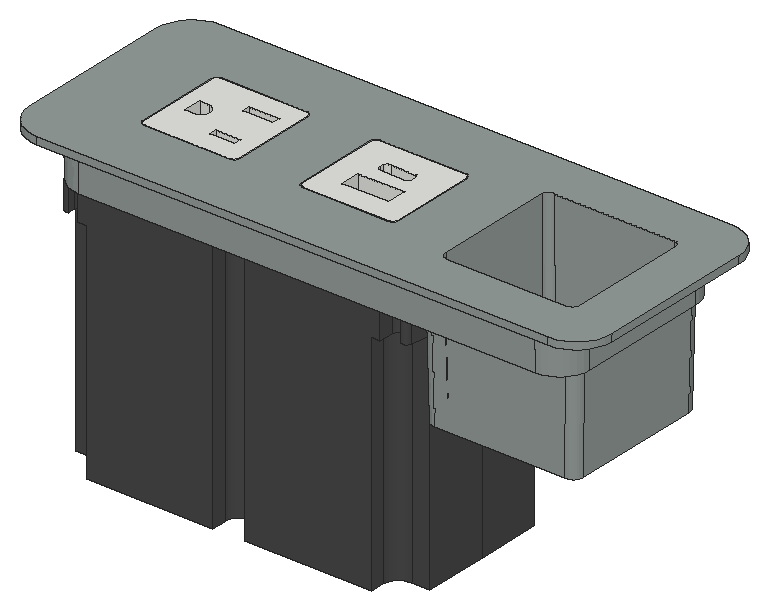
Revit family "Electrical-Teknion-YEFPA_Flush_Power_Module_Standard_Plug_In-R2022", category Furniture, Revit 2023 (continued)
Lines and regions (in)
  symbolic lines, style "FurnitureHiddenLines", visible <- "2D - T", detail levels medium+fine
    curve 102: arc (-2.54164, 0.9944, 0) -> (-2.55736, 0.79927, 0) -> (-2.75309, 0.79569, 0) r 0.1458
    curve 103: arc (-2.75309, 0.79569, 0) -> (-2.7867, 0.80062, 0) -> (-2.80509, 0.77206, 0) r 0.03136
    curve 104: line (-2.80509, 0.77206, 0) -> (-2.80509, -0.77206, 0)
    curve 105: arc (-2.80509, -0.77206, 0) -> (-2.7867, -0.80062, 0) -> (-2.75309, -0.79569, 0) r 0.03136
    curve 106: arc (-2.75309, -0.79569, 0) -> (-2.55736, -0.79927, 0) -> (-2.54164, -0.9944, 0) r 0.1458
    curve 107: line (-2.54164, -0.9944, 0) -> (-1.03481, -0.9944, 0)
    curve 108: arc (-1.03481, -0.9944, 0) -> (-0.88555, -0.73179, 0) -> (-0.73628, -0.9944, 0) r 0.17373
    curve 109: line (-0.73628, -0.9944, 0) -> (0.77001, -0.9944, 0)
    curve 110: arc (0.77001, -0.9944, 0) -> (0.78574, -0.79927, 0) -> (0.98147, -0.79569, 0) r 0.1458
    curve 111: arc (0.98147, -0.79569, 0) -> (1.01508, -0.80062, 0) -> (1.03346, -0.77206, 0) r 0.03136
    curve 112: line (1.03346, -0.77206, 0) -> (1.03346, 0.77206, 0)
    curve 113: arc (1.03346, 0.77206, 0) -> (1.01508, 0.80062, 0) -> (0.98147, 0.79569, 0) r 0.03136
    curve 114: arc (0.98147, 0.79569, 0) -> (0.78574, 0.79927, 0) -> (0.77001, 0.9944, 0) r 0.1458
    curve 115: line (0.77001, 0.9944, 0) -> (-0.73628, 0.9944, 0)
    curve 116: arc (-0.73628, 0.9944, 0) -> (-0.88555, 0.73179, 0) -> (-1.03481, 0.9944, 0) r 0.17373
    curve 117: line (2.71611, 0.8657, 0) -> (1.2209, 0.8657, 0)
    curve 118: arc (1.2209, 0.8657, 0) -> (1.13739, 0.83111, 0) -> (1.10281, 0.74761, 0) r 0.11809
    curve 119: line (1.10281, 0.74761, 0) -> (1.10281, -0.74761, 0)
    curve 120: arc (1.10281, -0.74761, 0) -> (1.13739, -0.83111, 0) -> (1.2209, -0.8657, 0) r 0.11809
    curve 121: line (1.2209, -0.8657, 0) -> (2.71611, -0.8657, 0)
    curve 122: arc (2.71611, -0.8657, 0) -> (2.79961, -0.83111, 0) -> (2.8342, -0.74761, 0) r 0.11809
    curve 123: line (2.8342, -0.74761, 0) -> (2.8342, 0.74761, 0)
    curve 124: arc (2.8342, 0.74761, 0) -> (2.79961, 0.83111, 0) -> (2.71611, 0.8657, 0) r 0.11809
    curve 133: line (2.44072, 0.72054, 0) -> (1.49629, 0.72054, 0)
    curve 134: line (1.54479, 0.64593, 0) -> (2.39221, 0.64593, 0)
    curve 135: line (1.32258, -0.42371, 0) -> (1.32258, 0.42371, 0)
    curve 136: line (1.24796, 0.47221, 0) -> (1.24796, -0.47221, 0)
    curve 137: arc (1.24796, 0.47221, 0) -> (1.50226, 0.46625, 0) -> (1.49629, 0.72054, 0) r 0.17579
    curve 138: arc (2.44072, 0.72054, 0) -> (2.43475, 0.46625, 0) -> (2.68905, 0.47221, 0) r 0.17579
    curve 139: line (2.61443, 0.42371, 0) -> (2.61443, -0.42371, 0)
    curve 140: line (2.68905, -0.47221, 0) -> (2.68905, 0.47221, 0)
    curve 141: line (2.39221, -0.64593, 0) -> (1.54479, -0.64593, 0)
    curve 142: line (1.49629, -0.72054, 0) -> (2.44072, -0.72054, 0)
    curve 143: arc (1.49629, -0.72054, 0) -> (1.50226, -0.46625, 0) -> (1.24796, -0.47221, 0) r 0.17579
    curve 144: arc (2.68905, -0.47221, 0) -> (2.43475, -0.46625, 0) -> (2.44072, -0.72054, 0) r 0.17579
  symbolic lines, style "Furniture", visible <- "2D - T"
    curve 125: line (1.2191, 0.67068, 0) -> (1.2191, -0.67068, 0)
    curve 126: line (1.29783, -0.74941, 0) -> (2.63918, -0.74941, 0)
    curve 127: arc (1.2191, -0.67068, 0) -> (1.24216, -0.72635, 0) -> (1.29783, -0.74941, 0) r 0.07873
    curve 128: line (2.71791, -0.67068, 0) -> (2.71791, 0.67068, 0)
    curve 129: arc (2.63918, -0.74941, 0) -> (2.69485, -0.72635, 0) -> (2.71791, -0.67068, 0) r 0.07873
    curve 130: line (2.63918, 0.74941, 0) -> (1.29783, 0.74941, 0)
    curve 131: arc (2.71791, 0.67068, 0) -> (2.69485, 0.72635, 0) -> (2.63918, 0.74941, 0) r 0.07873
    curve 132: arc (1.29783, 0.74941, 0) -> (1.24216, 0.72635, 0) -> (1.2191, 0.67068, 0) r 0.07873
  symbolic lines, visible <- "2D - T"
    curve 145: line (-2.24545, 0.54271, 0) -> (-1.2978, 0.54271, 0)
    curve 146: arc (-1.2978, 0.54271, 0) -> (-1.24909, 0.52254, 0) -> (-1.22891, 0.47383, 0) r 0.06889
    curve 147: line (-1.22891, 0.47383, 0) -> (-1.22891, -0.47383, 0)
    curve 148: arc (-1.22891, -0.47383, 0) -> (-1.24909, -0.52254, 0) -> (-1.2978, -0.54271, 0) r 0.06889
    curve 149: line (-1.2978, -0.54271, 0) -> (-2.24545, -0.54271, 0)
    curve 150: arc (-2.24545, -0.54271, 0) -> (-2.29416, -0.52254, 0) -> (-2.31434, -0.47383, 0) r 0.06889
    curve 151: line (-2.31434, -0.47383, 0) -> (-2.31434, 0.47383, 0)
    curve 152: arc (-2.31434, 0.47383, 0) -> (-2.29416, 0.52254, 0) -> (-2.24545, 0.54271, 0) r 0.06889
    curve 153: line (-0.47383, 0.54271, 0) -> (0.47383, 0.54271, 0)
    curve 154: arc (0.47383, 0.54271, 0) -> (0.52254, 0.52254, 0) -> (0.54271, 0.47383, 0) r 0.06889
    curve 155: line (0.54271, 0.47383, 0) -> (0.54271, -0.47383, 0)
    curve 156: arc (0.54271, -0.47383, 0) -> (0.52254, -0.52254, 0) -> (0.47383, -0.54271, 0) r 0.06889
    curve 157: line (0.47383, -0.54271, 0) -> (-0.47383, -0.54271, 0)
    curve 158: arc (-0.47383, -0.54271, 0) -> (-0.52254, -0.52254, 0) -> (-0.54271, -0.47383, 0) r 0.06889
    curve 159: line (-0.54271, -0.47383, 0) -> (-0.54271, 0.47383, 0)
    curve 160: arc (-0.54271, 0.47383, 0) -> (-0.52254, 0.52254, 0) -> (-0.47383, 0.54271, 0) r 0.06889
    curve 161: line (2.61444, 0.72467, 0) -> (1.32257, 0.72467, 0)
    curve 162: arc (1.32257, 0.72467, 0) -> (1.2669, 0.70161, 0) -> (1.24384, 0.64594, 0) r 0.07873
    curve 163: line (1.24384, 0.64594, 0) -> (1.24384, -0.64594, 0)
    curve 164: arc (1.24384, -0.64594, 0) -> (1.2669, -0.70161, 0) -> (1.32257, -0.72467, 0) r 0.07873
    curve 165: line (1.32257, -0.72467, 0) -> (2.61444, -0.72467, 0)
    curve 166: arc (2.61444, -0.72467, 0) -> (2.67011, -0.70161, 0) -> (2.69317, -0.64594, 0) r 0.07873
    curve 167: line (2.69317, -0.64594, 0) -> (2.69317, 0.64594, 0)
    curve 168: arc (2.69317, 0.64594, 0) -> (2.67011, 0.70161, 0) -> (2.61444, 0.72467, 0) r 0.07873
  symbolic lines, style "FurnitureHiddenLines", visible <- "Body 3 - 3R", detail levels medium+fine
    curve 169: line (2.57222, -1.06299, 0) -> (2.57499, -0.90407, 0)
    curve 170: arc (2.57499, -0.90407, 0) -> (2.65748, -0.82158, 0) -> (2.73997, -0.90407, 0) r 0.08249
    curve 171: line (2.73997, -0.90407, 0) -> (2.74128, -0.97947, 0)
    curve 172: arc (2.74128, -0.97947, 0) -> (2.79245, -0.97731, 0) -> (2.82271, -0.93599, 0) r 0.05908
    curve 173: line (2.82271, -0.93599, 0) -> (2.8613, -0.72835, 0)
    curve 174: line (2.8613, -0.72835, 0) -> (2.87402, 0, 0)
    curve 175: line (2.87402, 0, 0) -> (2.8613, 0.72835, 0)
    curve 176: line (2.8613, 0.72835, 0) -> (2.82271, 0.93599, 0)
    curve 177: arc (2.82271, 0.93599, 0) -> (2.79245, 0.97731, 0) -> (2.74128, 0.97947, 0) r 0.05908
    curve 178: line (2.74128, 0.97947, 0) -> (2.73997, 0.90407, 0)
    curve 179: arc (2.73997, 0.90407, 0) -> (2.65748, 0.82158, 0) -> (2.57499, 0.90407, 0) r 0.08249
    curve 180: line (2.57499, 0.90407, 0) -> (2.57222, 1.06299, 0)
    curve 181: line (2.57222, 1.06299, 0) -> (1.06577, 1.06299, 0)
    curve 182: line (1.06577, 1.06299, 0) -> (1.06297, 0.90242, 0)
    curve 183: arc (1.06297, 0.90242, 0) -> (0.88892, 0.72531, 0) -> (0.7088, 0.89624, 0) r 0.17714
    curve 184: line (0.7088, 0.89624, 0) -> (0.70589, 1.06299, 0)
    curve 185: line (0.70589, 1.06299, 0) -> (-0.70584, 1.06299, 0)
    curve 186: line (-0.70584, 1.06299, 0) -> (-0.70869, 0.90242, 0)
    curve 187: arc (-0.70869, 0.90242, 0) -> (-0.88583, 0.72528, 0) -> (-1.06297, 0.90242, 0) r 0.17714
    curve 188: line (-1.06297, 0.90242, 0) -> (-1.06572, 1.06299, 0)
    curve 189: line (-1.06572, 1.06299, 0) -> (-2.57222, 1.06299, 0)
    curve 190: line (-2.57222, 1.06299, 0) -> (-2.57499, 0.90407, 0)
    curve 191: arc (-2.57499, 0.90407, 0) -> (-2.65748, 0.82158, 0) -> (-2.73997, 0.90407, 0) r 0.08249
    curve 192: line (-2.73997, 0.90407, 0) -> (-2.74128, 0.97947, 0)
    curve 193: arc (-2.74128, 0.97947, 0) -> (-2.79245, 0.97731, 0) -> (-2.82271, 0.93599, 0) r 0.05908
    curve 194: line (-2.82271, 0.93599, 0) -> (-2.8613, 0.72835, 0)
    curve 195: line (-2.8613, 0.72835, 0) -> (-2.87402, 0, 0)
    curve 196: line (-2.87402, 0, 0) -> (-2.8613, -0.72835, 0)
    curve 197: line (-2.8613, -0.72835, 0) -> (-2.82271, -0.93599, 0)
    curve 198: arc (-2.82271, -0.93599, 0) -> (-2.79245, -0.97731, 0) -> (-2.74128, -0.97947, 0) r 0.05908
    curve 199: line (-2.74128, -0.97947, 0) -> (-2.73997, -0.90407, 0)
    curve 200: arc (-2.73997, -0.90407, 0) -> (-2.65748, -0.82158, 0) -> (-2.57499, -0.90407, 0) r 0.08249
    curve 201: line (-2.57499, -0.90407, 0) -> (-2.57222, -1.06299, 0)
    curve 202: line (-2.57222, -1.06299, 0) -> (-1.06572, -1.06299, 0)
    curve 203: line (-1.06572, -1.06299, 0) -> (-1.06297, -0.90242, 0)
    curve 204: arc (-1.06297, -0.90242, 0) -> (-0.88583, -0.72528, 0) -> (-0.70869, -0.90242, 0) r 0.17714
    curve 205: line (-0.70869, -0.90242, 0) -> (-0.70584, -1.06299, 0)
    curve 206: line (-0.70584, -1.06299, 0) -> (0.70589, -1.06299, 0)
    curve 207: line (0.70589, -1.06299, 0) -> (0.7088, -0.89624, 0)
    curve 208: arc (0.7088, -0.89624, 0) -> (0.88892, -0.72531, 0) -> (1.06297, -0.90242, 0) r 0.17714
    curve 209: line (1.06297, -0.90242, 0) -> (1.06577, -1.06299, 0)
    curve 210: line (1.06577, -1.06299, 0) -> (2.57222, -1.06299, 0)
    curve 211: line (1.06405, 0.96457, 0) -> (2.47926, 0.96457, 0)
    curve 212: line (2.47926, 0.96457, 0) -> (2.48029, 0.90554, 0)
    curve 213: arc (2.48029, 0.90554, 0) -> (2.53219, 0.78025, 0) -> (2.65748, 0.72835, 0) r 0.17719
    curve 214: line (2.65748, 0.72835, 0) -> (2.76288, 0.72835, 0)
    curve 215: line (2.76288, 0.72835, 0) -> (2.77559, 0, 0)
    curve 216: line (2.77559, 0, 0) -> (2.76288, -0.72835, 0)
    curve 217: line (2.76288, -0.72835, 0) -> (2.65748, -0.72835, 0)
    curve 218: arc (2.65748, -0.72835, 0) -> (2.53219, -0.78025, 0) -> (2.48029, -0.90554, 0) r 0.17719
    curve 219: line (2.48029, -0.90554, 0) -> (2.47926, -0.96457, 0)
    curve 220: line (2.47926, -0.96457, 0) -> (1.06405, -0.96457, 0)
    curve 221: line (0.70788, 0.96457, 0) -> (-0.70739, 0.96457, 0)
    curve 222: line (0.70788, -0.96457, 0) -> (-0.70739, -0.96457, 0)
    curve 223: line (-1.06383, 0.96456, 0) -> (-2.47898, 0.96456, 0)
    curve 224: line (-2.47898, 0.96456, 0) -> (-2.48001, 0.90554, 0)
    curve 225: arc (-2.48001, 0.90554, 0) -> (-2.53191, 0.78025, 0) -> (-2.6572, 0.72835, 0) r 0.17719
    curve 226: line (-2.6572, 0.72835, 0) -> (-2.7626, 0.72835, 0)
    curve 227: line (-2.7626, 0.72835, 0) -> (-2.77531, 0, 0)
    curve 228: line (-2.77531, 0, 0) -> (-2.7626, -0.72835, 0)
    curve 229: line (-2.7626, -0.72835, 0) -> (-2.6572, -0.72835, 0)
    curve 230: arc (-2.6572, -0.72835, 0) -> (-2.53191, -0.78025, 0) -> (-2.48001, -0.90554, 0) r 0.17719
    curve 231: line (-2.48001, -0.90554, 0) -> (-2.47898, -0.96456, 0)
    curve 232: line (-2.47898, -0.96456, 0) -> (-1.06383, -0.96456, 0)
  symbolic lines, style "FurnitureHiddenLines", visible <- "Body 2 - C & 2R", detail levels medium+fine
    curve 233: line (-0.17822, -0.96457, 0) -> (-1.59343, -0.96457, 0)
    curve 234: line (-1.59343, -0.96457, 0) -> (-1.59446, -0.90554, 0)
    curve 235: arc (-1.59446, -0.90554, 0) -> (-1.64636, -0.78025, 0) -> (-1.77165, -0.72835, 0) r 0.17719
    curve 236: line (-1.77165, -0.72835, 0) -> (-1.87705, -0.72835, 0)
    curve 237: line (-1.87705, -0.72835, 0) -> (-1.88976, 0, 0)
    curve 238: line (-1.88976, 0, 0) -> (-1.87705, 0.72835, 0)
    curve 239: line (-1.87705, 0.72835, 0) -> (-1.77165, 0.72835, 0)
    curve 240: arc (-1.77165, 0.72835, 0) -> (-1.64636, 0.78025, 0) -> (-1.59446, 0.90554, 0) r 0.17719
    curve 241: line (-1.59446, 0.90554, 0) -> (-1.59343, 0.96457, 0)
    curve 242: line (-1.59343, 0.96457, 0) -> (-0.17822, 0.96457, 0)
    curve 243: line (0.17822, -0.96457, 0) -> (1.59343, -0.96457, 0)
    curve 244: line (1.59343, -0.96457, 0) -> (1.59446, -0.90554, 0)
    curve 245: arc (1.59446, -0.90554, 0) -> (1.64636, -0.78025, 0) -> (1.77165, -0.72835, 0) r 0.17719
    curve 246: line (1.77165, -0.72835, 0) -> (1.87705, -0.72835, 0)
    curve 247: line (1.87705, -0.72835, 0) -> (1.88976, 0, 0)
    curve 248: line (1.88976, 0, 0) -> (1.87705, 0.72835, 0)
    curve 249: line (1.87705, 0.72835, 0) -> (1.77165, 0.72835, 0)
    curve 250: arc (1.77165, 0.72835, 0) -> (1.64636, 0.78025, 0) -> (1.59446, 0.90554, 0) r 0.17719
    curve 251: line (1.59446, 0.90554, 0) -> (1.59343, 0.96457, 0)
    curve 252: line (1.59343, 0.96457, 0) -> (0.17822, 0.96457, 0)
    curve 253: arc (1.68917, 0.90407, 0) -> (1.77165, 0.82158, 0) -> (1.85414, 0.90407, 0) r 0.08249
    curve 254: line (1.85414, 0.90407, 0) -> (1.85546, 0.97947, 0)
    curve 255: arc (1.85546, 0.97947, 0) -> (1.90662, 0.97731, 0) -> (1.93688, 0.93599, 0) r 0.05908
    curve 256: line (1.93688, 0.93599, 0) -> (1.97548, 0.72835, 0)
    curve 257: line (1.97548, 0.72835, 0) -> (1.98819, 0, 0)
    curve 258: line (1.98819, 0, 0) -> (1.97548, -0.72835, 0)
    curve 259: line (1.97548, -0.72835, 0) -> (1.93688, -0.93599, 0)
    curve 260: arc (1.93688, -0.93599, 0) -> (1.90662, -0.97731, 0) -> (1.85546, -0.97947, 0) r 0.05908
    curve 261: line (1.85546, -0.97947, 0) -> (1.85414, -0.90407, 0)
    curve 262: arc (1.85414, -0.90407, 0) -> (1.77165, -0.82158, 0) -> (1.68917, -0.90407, 0) r 0.08249
    curve 263: line (1.68917, -0.90407, 0) -> (1.68639, -1.06299, 0)
    curve 264: line (1.68639, -1.06299, 0) -> (0.17994, -1.06299, 0)
    curve 265: line (0.17994, -1.06299, 0) -> (0.17714, -0.90242, 0)
    curve 266: arc (0.17714, -0.90242, 0) -> (0, -0.72528, 0) -> (-0.17714, -0.90242, 0) r 0.17714
    curve 267: line (-0.17714, -0.90242, 0) -> (-0.17994, -1.06299, 0)
    curve 268: line (-0.17994, -1.06299, 0) -> (-1.68639, -1.06299, 0)
    curve 269: line (-1.68639, -1.06299, 0) -> (-1.68917, -0.90407, 0)
    curve 270: arc (-1.68917, -0.90407, 0) -> (-1.77165, -0.82158, 0) -> (-1.85414, -0.90407, 0) r 0.08249
    curve 271: line (-1.85414, -0.90407, 0) -> (-1.85546, -0.97947, 0)
    curve 272: arc (-1.85546, -0.97947, 0) -> (-1.90662, -0.97731, 0) -> (-1.93688, -0.93599, 0) r 0.05908
    curve 273: line (-1.93688, -0.93599, 0) -> (-1.97548, -0.72835, 0)
    curve 274: line (-1.97548, -0.72835, 0) -> (-1.98819, 0, 0)
    curve 275: line (-1.98819, 0, 0) -> (-1.97548, 0.72835, 0)
    curve 276: line (-1.97548, 0.72835, 0) -> (-1.93688, 0.93599, 0)
    curve 277: arc (-1.93688, 0.93599, 0) -> (-1.90662, 0.97731, 0) -> (-1.85546, 0.97947, 0) r 0.05908
    curve 278: line (-1.85546, 0.97947, 0) -> (-1.85414, 0.90407, 0)
    curve 279: arc (-1.85414, 0.90407, 0) -> (-1.77165, 0.82158, 0) -> (-1.68917, 0.90407, 0) r 0.08249
    curve 280: line (-1.68917, 0.90407, 0) -> (-1.68639, 1.06299, 0)
    curve 281: line (-1.68639, 1.06299, 0) -> (-0.17994, 1.06299, 0)
    curve 282: line (-0.17994, 1.06299, 0) -> (-0.17714, 0.90242, 0)
    curve 283: arc (-0.17714, 0.90242, 0) -> (0, 0.72528, 0) -> (0.17714, 0.90242, 0) r 0.17714
    curve 284: line (0.17714, 0.90242, 0) -> (0.17994, 1.06299, 0)
    curve 285: line (0.17994, 1.06299, 0) -> (1.68639, 1.06299, 0)
    curve 286: line (1.68639, 1.06299, 0) -> (1.68917, 0.90407, 0)
  symbolic lines, style "FurnitureHiddenLines", visible <- "Body 2 - T", detail levels medium+fine
    curve 287: line (-1.06383, -0.96456, 0) -> (-2.47898, -0.96456, 0)
    curve 288: line (-2.47898, -0.96456, 0) -> (-2.48001, -0.90554, 0)
    curve 289: arc (-2.48001, -0.90554, 0) -> (-2.53191, -0.78025, 0) -> (-2.6572, -0.72835, 0) r 0.17719
    curve 290: line (-2.6572, -0.72835, 0) -> (-2.7626, -0.72835, 0)
    curve 291: line (-2.7626, -0.72835, 0) -> (-2.77531, 0, 0)
    curve 292: line (-2.77531, 0, 0) -> (-2.7626, 0.72835, 0)
    curve 293: line (-2.7626, 0.72835, 0) -> (-2.6572, 0.72835, 0)
    curve 294: arc (-2.6572, 0.72835, 0) -> (-2.53191, 0.78025, 0) -> (-2.48001, 0.90554, 0) r 0.17719
    curve 295: line (-2.48001, 0.90554, 0) -> (-2.47898, 0.96456, 0)
    curve 296: line (-2.47898, 0.96456, 0) -> (-1.06383, 0.96456, 0)
    curve 297: line (-0.70739, -0.96457, 0) -> (0.70788, -0.96457, 0)
    curve 298: line (0.70788, -0.96457, 0) -> (0.70891, -0.90554, 0)
    curve 299: arc (0.70891, -0.90554, 0) -> (0.76081, -0.78025, 0) -> (0.8861, -0.72835, 0) r 0.17719
    curve 300: line (0.8861, -0.72835, 0) -> (0.9915, -0.72835, 0)
    curve 301: line (0.9915, -0.72835, 0) -> (1.00421, 0, 0)
    curve 302: line (1.00421, 0, 0) -> (0.9915, 0.72835, 0)
    curve 303: line (0.9915, 0.72835, 0) -> (0.8861, 0.72835, 0)
    curve 304: arc (0.8861, 0.72835, 0) -> (0.76081, 0.78025, 0) -> (0.70891, 0.90554, 0) r 0.17719
    curve 305: line (0.70891, 0.90554, 0) -> (0.70788, 0.96457, 0)
    curve 306: line (0.70788, 0.96457, 0) -> (-0.70739, 0.96457, 0)
    curve 307: line (-0.70584, 1.06299, 0) -> (0.80084, 1.06299, 0)
    curve 308: line (0.80084, 1.06299, 0) -> (0.80362, 0.90407, 0)
    curve 309: arc (0.80362, 0.90407, 0) -> (0.8861, 0.82158, 0) -> (0.96859, 0.90407, 0) r 0.08249
    curve 310: line (0.96859, 0.90407, 0) -> (0.96991, 0.97947, 0)
    curve 311: arc (0.96991, 0.97947, 0) -> (1.02108, 0.97731, 0) -> (1.05133, 0.93599, 0) r 0.05908
    curve 312: line (1.05133, 0.93599, 0) -> (1.08993, 0.72835, 0)
    curve 313: line (1.08993, 0.72835, 0) -> (1.10264, 0, 0)
    curve 314: line (1.10264, 0, 0) -> (1.08993, -0.72835, 0)
    curve 315: line (1.08993, -0.72835, 0) -> (1.05133, -0.93599, 0)
    curve 316: arc (1.05133, -0.93599, 0) -> (1.02108, -0.97731, 0) -> (0.96991, -0.97947, 0) r 0.05908
    curve 317: line (0.96991, -0.97947, 0) -> (0.96859, -0.90407, 0)
    curve 318: arc (0.96859, -0.90407, 0) -> (0.8861, -0.82158, 0) -> (0.80362, -0.90407, 0) r 0.08249
    curve 319: line (0.80362, -0.90407, 0) -> (0.80084, -1.06299, 0)
    curve 320: line (0.80084, -1.06299, 0) -> (-0.70584, -1.06299, 0)
    curve 321: line (-0.70584, -1.06299, 0) -> (-0.70836, -0.90242, 0)
    curve 322: arc (-0.70836, -0.90242, 0) -> (-0.8855, -0.72528, 0) -> (-1.06264, -0.90242, 0) r 0.17714
    curve 323: line (-1.06264, -0.90242, 0) -> (-1.06572, -1.06299, 0)
    curve 324: line (-1.06572, -1.06299, 0) -> (-2.57222, -1.06299, 0)
    curve 325: line (-2.57222, -1.06299, 0) -> (-2.57471, -0.90407, 0)
    curve 326: arc (-2.57471, -0.90407, 0) -> (-2.6572, -0.82158, 0) -> (-2.73969, -0.90407, 0) r 0.08249
    curve 327: line (-2.73969, -0.90407, 0) -> (-2.74101, -0.97947, 0)
    curve 328: arc (-2.74101, -0.97947, 0) -> (-2.79217, -0.97731, 0) -> (-2.82243, -0.93599, 0) r 0.05908
    curve 329: line (-2.82243, -0.93599, 0) -> (-2.86102, -0.72835, 0)
    curve 330: line (-2.86102, -0.72835, 0) -> (-2.87374, 0, 0)
    curve 331: line (-2.87374, 0, 0) -> (-2.86102, 0.72835, 0)
    curve 332: line (-2.86102, 0.72835, 0) -> (-2.82243, 0.93599, 0)
    curve 333: arc (-2.82243, 0.93599, 0) -> (-2.79217, 0.97731, 0) -> (-2.74101, 0.97947, 0) r 0.05908
    curve 334: line (-2.74101, 0.97947, 0) -> (-2.73969, 0.90407, 0)
    curve 335: arc (-2.73969, 0.90407, 0) -> (-2.6572, 0.82158, 0) -> (-2.57471, 0.90407, 0) r 0.08249
    curve 336: line (-2.57471, 0.90407, 0) -> (-2.57222, 1.06299, 0)
    curve 337: line (-2.57222, 1.06299, 0) -> (-1.06572, 1.06299, 0)
    curve 338: line (-1.06572, 1.06299, 0) -> (-1.06264, 0.90242, 0)
    curve 339: arc (-1.06264, 0.90242, 0) -> (-0.8855, 0.72528, 0) -> (-0.70836, 0.90242, 0) r 0.17714
    curve 340: line (-0.70836, 0.90242, 0) -> (-0.70584, 1.06299, 0)
  reference lines
    curve 341: line (-2.362, 2.362, 0) -> (-2.362, -2.362, 0)
    curve 342: line (2.362, 2.362, 0) -> (2.362, -2.362, 0)
    curve 343: line (-2.362, 2.362, 0) -> (2.362, 2.362, 0)
    curve 344: line (-2.362, -2.362, 0) -> (2.362, -2.362, 0)
Dimensions and locks (in)
  locked: plane 4 "Left" to plane 5 "Right" at 4.724
  locked: plane 6 "Back" to plane 7 "Front" at 4.724
  locked: plane 8 "Top" to level at 29.07874
  plane 8 "Top" to plane 9 to plane 10 = 0.07874" locked, 3.30709" locked
  equal spacing: plane 6 "Back", plane 1 "Center Front/Back", plane 7 "Front"
  equal spacing: plane 4 "Left", plane 3 "Center Left/Right", plane 5 "Right"
  SweptBlend 10 sketch curve to plane 3 "Center Left/Right" to SweptBlend 10 sketch curve = 2.89342" locked, 2.89349" locked
  SweptBlend 10 sketch curve to plane 1 "Center Front/Back" to SweptBlend 10 sketch curve = 1.08243" locked, 1.08243" locked
  SweptBlend 10 sketch curve to plane 1 "Center Front/Back" to SweptBlend 10 sketch curve = 1.07443" locked, 1.07443" locked
  SweptBlend 10 sketch curve to plane 3 "Center Left/Right" to SweptBlend 10 sketch curve = 2.88542" locked, 2.88549" locked
  locked: SweptBlend 8 sketch curve to plane 3 "Center Left/Right" at 0.88555
  locked: plane 3 "Center Left/Right" to SweptBlend 12 sketch curve at 1.9685
  locked: plane 3 "Center Left/Right" to SweptBlend 14 sketch curve at 1.9685
  locked: plane 3 "Center Left/Right" to SweptBlend 13 sketch curve at 1.9685
  SweptBlend 15 sketch curve to plane 3 "Center Left/Right" = 0.88555"
  locked: plane 3 "Center Left/Right" to Sweep 16 sketch curve at 1.98819
  locked: plane 3 "Center Left/Right" to Sweep 17 sketch curve at 1.97548
  equal spacing: plane 11, plane 3 "Center Left/Right", plane 12
  equal spacing: plane 14, plane 1 "Center Front/Back", plane 13
  plane 11 to plane 12 = 4.724"
  plane 13 to plane 14 = 4.724"
  aligned and locked: level to plane 2
  aligned and locked: Sweep 1 sketch curve to plane 3 "Center Left/Right"
  aligned and locked: plane 9 to Sweep 1 sketch curve
  aligned and locked: plane 8 "Top" to Sweep 1 sketch curve
  aligned and locked: plane 1 "Center Front/Back" to Sweep 1 sketch curve
  aligned and locked: plane 3 "Center Left/Right" to Sweep 1 sketch curve
  aligned and locked: SweptBlend 2 sketch curve to plane 3 "Center Left/Right"
  aligned and locked: plane 9 to SweptBlend 2 sketch curve
  aligned and locked: plane 9 to SweptBlend 3 sketch curve
  aligned and locked: SweptBlend 3 sketch curve to plane 3 "Center Left/Right"
  aligned and locked: Sweep 6 sketch curve to plane 3 "Center Left/Right"
  aligned and locked: plane 8 "Top" to Sweep 6 sketch curve
  aligned and locked: plane 9 to Sweep 6 sketch curve
  aligned and locked: Sweep 9 sketch curve to plane 3 "Center Left/Right"
  aligned and locked: plane 8 "Top" to Sweep 9 sketch curve
  aligned and locked: plane 9 to Sweep 9 sketch curve
  aligned and locked: Sweep 11 sketch curve to plane 3 "Center Left/Right"
  aligned and locked: plane 9 to Sweep 11 sketch curve
  aligned and locked: plane 8 "Top" to Sweep 11 sketch curve
  aligned and locked: plane 3 "Center Left/Right" to nested 1
  aligned and locked: plane 1 "Center Front/Back" to nested 1
  aligned and locked: plane 3 "Center Left/Right" to nested 2
  aligned and locked: plane 1 "Center Front/Back" to nested 5
  aligned and locked: plane 1 "Center Front/Back" to nested 3
  aligned and locked: plane 1 "Center Front/Back" to nested 4
  aligned and locked: plane 1 "Center Front/Back" to nested 7
  aligned and locked: plane 1 "Center Front/Back" to nested 8
  aligned and locked: plane 1 "Center Front/Back" to nested 9
  aligned and locked: plane 1 "Center Front/Back" to nested 10
  aligned and locked: plane 1 "Center Front/Back" to nested 11
  aligned and locked: plane 1 "Center Front/Back" to nested 12
  aligned and locked: plane 1 "Center Front/Back" to nested 13
  aligned and locked: plane 1 "Center Front/Back" to nested 14
  aligned and locked: Masking region 1 sketch curve to cut or joined group of Sweep 1, SweptBlend 2, SweptBlend 3  (x2)
  aligned and locked: SweptBlend 7 sketch curve to plane 3 "Center Left/Right"
  aligned and locked: Masking region 2 sketch curve to cut or joined group of SweptBlend 10, Sweep 11, SweptBlend 12, SweptBlend 13, SweptBlend 14, SweptBlend 15  (x4)
  aligned and locked: Masking region 3 sketch curve to cut or joined group of SweptBlend 7, SweptBlend 8, Sweep 9  (x4)
  aligned and locked: Masking region 4 sketch curve to cut or joined group of SweptBlend 4, SweptBlend 5, Sweep 6  (x4)
  aligned and locked: SweptBlend 18 sketch curve to nested 2
  aligned and locked: SweptBlend 10 sketch curve to plane 3 "Center Left/Right"
  aligned and locked: SweptBlend 5 sketch curve to plane 3 "Center Left/Right"
  aligned and locked: SweptBlend 4 sketch curve to plane 3 "Center Left/Right"
  aligned and locked: curve 341 to plane 11
  aligned and locked: plane 12 to curve 342
  aligned and locked: curve 343 to plane 13
  aligned and locked: plane 14 to curve 344
  aligned and locked: plane 1 "Center Front/Back" to nested 15
  aligned and locked: plane 3 "Center Left/Right" to nested 15
Automatic sketch dimensions
  plane 1 "Center Front/Back" to Sweep 1 sketch curve = 0.000"
  Sweep 1 sketch curve to plane 1 "Center Front/Back" = 0.000"
  Sweep 1 sketch curve to plane 1 "Center Front/Back" = 0.47383"  (x4)
  Sweep 1 sketch curve to Sweep 1 sketch curve = 0.06889"  (x4)
  plane 1 "Center Front/Back" to Sweep 1 sketch curve = 0.47383"  (x4)
  Sweep 1 sketch curve to Sweep 1 sketch curve = 0.000"  (x2)
  profile plane to Sweep 1 sketch curve = 0.34311"
  Sweep 1 sketch curve to Sweep 1 sketch curve = 0.94765"  (x2)
  Sweep 1 sketch curve to profile plane = 0.34311"
  Sweep 1 sketch curve to Sweep 1 sketch curve = 0.93366"
  SweptBlend 2 sketch curve to SweptBlend 2 sketch curve = 0.47244"
  SweptBlend 2 sketch curve to plane 1 "Center Front/Back" = 1.08243"
  SweptBlend 2 sketch curve to SweptBlend 2 sketch curve = 0.34202"  (x3)
  plane 1 "Center Front/Back" to SweptBlend 2 sketch curve = 0.74041"  (x4)
  profile plane to SweptBlend 2 sketch curve = 2.00763"
  SweptBlend 2 sketch curve to profile plane = 1.66561"  (x2)
  SweptBlend 2 sketch curve to plane 1 "Center Front/Back" = 1.07443"
  SweptBlend 2 sketch curve to SweptBlend 2 sketch curve = 0.33402"  (x3)
  profile plane to SweptBlend 2 sketch curve = 1.99963"
  SweptBlend 3 sketch curve to plane 9 = 0.47244"
  SweptBlend 3 sketch curve to profile plane = 0.000"  (x4)
  profile plane to SweptBlend 3 sketch curve = 0.1345"  (x2)
  SweptBlend 3 sketch curve to plane 1 "Center Front/Back" = 1.00234"  (x2)
  SweptBlend 3 sketch curve to SweptBlend 3 sketch curve = 0.09683"  (x5)
  SweptBlend 3 sketch curve to SweptBlend 3 sketch curve = 0.13345"  (x8)
  plane 1 "Center Front/Back" to SweptBlend 3 sketch curve = 0.77206"  (x4)
  plane 1 "Center Front/Back" to SweptBlend 3 sketch curve = 0.90551"  (x2)
  SweptBlend 3 sketch curve to SweptBlend 3 sketch curve = 1.53912"  (x4)
  SweptBlend 3 sketch curve to SweptBlend 3 sketch curve = 0.09804"  (x4)
  SweptBlend 3 sketch curve to SweptBlend 3 sketch curve = 0.11652"  (x8)
  SweptBlend 3 sketch curve to SweptBlend 3 sketch curve = 0.03936"  (x2)
  profile plane to SweptBlend 3 sketch curve = 0.14927"  (x2)
  SweptBlend 3 sketch curve to plane 1 "Center Front/Back" = 0.9944"  (x2)
  SweptBlend 3 sketch curve to SweptBlend 3 sketch curve = 0.08889"  (x5)
  SweptBlend 3 sketch curve to SweptBlend 3 sketch curve = 1.50682"  (x4)
  SweptBlend 3 sketch curve to SweptBlend 3 sketch curve = 0.11557"  (x4)
  SweptBlend 3 sketch curve to SweptBlend 3 sketch curve = 0.03136"  (x2)
  SweptBlend 4 sketch curve to plane 9 = 0.000"
  SweptBlend 4 sketch curve to SweptBlend 4 sketch curve = 0.47244"
  SweptBlend 4 sketch curve to plane 1 "Center Front/Back" = 1.08243"
  SweptBlend 4 sketch curve to SweptBlend 4 sketch curve = 0.34202"  (x3)
  plane 1 "Center Front/Back" to SweptBlend 4 sketch curve = 0.74041"  (x4)
  profile plane to SweptBlend 4 sketch curve = 2.00763"
  SweptBlend 4 sketch curve to profile plane = 1.66561"  (x2)
  SweptBlend 4 sketch curve to plane 1 "Center Front/Back" = 1.07443"
  SweptBlend 4 sketch curve to SweptBlend 4 sketch curve = 0.33402"  (x3)
  profile plane to SweptBlend 4 sketch curve = 1.99963"
  SweptBlend 5 sketch curve to plane 9 = 0.000"
  SweptBlend 5 sketch curve to plane 9 = 0.47244"
  SweptBlend 5 sketch curve to profile plane = 0.000"  (x4)
  profile plane to SweptBlend 5 sketch curve = 0.1345"  (x2)
  SweptBlend 5 sketch curve to plane 1 "Center Front/Back" = 1.00234"  (x2)
  SweptBlend 5 sketch curve to SweptBlend 5 sketch curve = 0.09683"  (x5)
  SweptBlend 5 sketch curve to SweptBlend 5 sketch curve = 0.13345"  (x8)
  plane 1 "Center Front/Back" to SweptBlend 5 sketch curve = 0.77206"  (x4)
  plane 1 "Center Front/Back" to SweptBlend 5 sketch curve = 0.90551"  (x2)
  SweptBlend 5 sketch curve to SweptBlend 5 sketch curve = 1.53912"  (x4)
  SweptBlend 5 sketch curve to SweptBlend 5 sketch curve = 0.09804"  (x4)
  SweptBlend 5 sketch curve to SweptBlend 5 sketch curve = 0.11652"  (x8)
  SweptBlend 5 sketch curve to SweptBlend 5 sketch curve = 0.03936"  (x2)
  profile plane to SweptBlend 5 sketch curve = 0.14927"  (x2)
  SweptBlend 5 sketch curve to plane 1 "Center Front/Back" = 0.9944"  (x2)
  SweptBlend 5 sketch curve to SweptBlend 5 sketch curve = 0.08889"  (x5)
  SweptBlend 5 sketch curve to SweptBlend 5 sketch curve = 1.50682"  (x4)
  SweptBlend 5 sketch curve to SweptBlend 5 sketch curve = 0.11557"  (x4)
  SweptBlend 5 sketch curve to SweptBlend 5 sketch curve = 0.03136"  (x2)
  Sweep 6 sketch curve to plane 1 "Center Front/Back" = 1.27953"
  Sweep 6 sketch curve to Sweep 6 sketch curve = 0.39364"  (x3)
  plane 1 "Center Front/Back" to Sweep 6 sketch curve = 0.88589"  (x2)
  profile plane to Sweep 6 sketch curve = 2.36083"
  Sweep 6 sketch curve to profile plane = 1.96719"
  profile plane to Sweep 6 sketch curve = 0.412"
  Sweep 6 sketch curve to plane 1 "Center Front/Back" = 0.54271"  (x2)
  Sweep 6 sketch curve to Sweep 6 sketch curve = 0.06889"  (x6)
  plane 1 "Center Front/Back" to Sweep 6 sketch curve = 0.47383"  (x4)
  Sweep 6 sketch curve to Sweep 6 sketch curve = 0.53865"
  Sweep 6 sketch curve to profile plane = 0.34311"
  Sweep 6 sketch curve to Sweep 6 sketch curve = 0.60754"
  SweptBlend 7 sketch curve to plane 9 = 0.000"
  SweptBlend 7 sketch curve to plane 9 = 0.47244"
  SweptBlend 7 sketch curve to profile plane = 1.07443"
  SweptBlend 7 sketch curve to SweptBlend 7 sketch curve = 0.33402"  (x3)
  profile plane to SweptBlend 7 sketch curve = 0.74041"  (x4)
  profile plane to SweptBlend 7 sketch curve = 2.88542"
  SweptBlend 7 sketch curve to profile plane = 2.55147"  (x2)
  SweptBlend 8 sketch curve to plane 9 = 0.000"
  SweptBlend 8 sketch curve to plane 9 = 0.47244"
  Sweep 9 sketch curve to plane 1 "Center Front/Back" = 1.27953"
  Sweep 9 sketch curve to Sweep 9 sketch curve = 0.39364"  (x3)
  Sweep 9 sketch curve to plane 1 "Center Front/Back" = 0.54271"  (x3)
  Sweep 9 sketch curve to Sweep 9 sketch curve = 0.06889"  (x9)
  plane 1 "Center Front/Back" to Sweep 9 sketch curve = 0.47383"  (x6)
  Sweep 9 sketch curve to Sweep 9 sketch curve = 0.41206"
  plane 1 "Center Front/Back" to Sweep 9 sketch curve = 0.88589"
  profile plane to Sweep 9 sketch curve = 3.248"
  Sweep 9 sketch curve to Sweep 9 sketch curve = 0.54002"  (x2)
  Sweep 9 sketch curve to Sweep 9 sketch curve = 0.94765"  (x2)
  profile plane to Sweep 9 sketch curve = 0.54271"
  Sweep 9 sketch curve to profile plane = 0.47383"
  Sweep 9 sketch curve to Sweep 9 sketch curve = 0.6862"
  SweptBlend 7 sketch curve to profile plane = 1.08243"
  SweptBlend 7 sketch curve to SweptBlend 7 sketch curve = 0.34202"  (x3)
  profile plane to SweptBlend 7 sketch curve = 2.89342"
  SweptBlend 8 sketch curve to profile plane = 0.000"  (x4)
  profile plane to SweptBlend 8 sketch curve = 0.1345"  (x2)
  SweptBlend 8 sketch curve to profile plane = 1.00234"  (x2)
  SweptBlend 8 sketch curve to SweptBlend 8 sketch curve = 0.000"  (x2)
  SweptBlend 8 sketch curve to SweptBlend 8 sketch curve = 0.09683"  (x7)
  SweptBlend 8 sketch curve to SweptBlend 8 sketch curve = 0.13345"  (x8)
  profile plane to SweptBlend 8 sketch curve = 0.77206"  (x4)
  profile plane to SweptBlend 8 sketch curve = 0.90551"  (x4)
  SweptBlend 8 sketch curve to SweptBlend 8 sketch curve = 1.53912"  (x3)
  profile plane to SweptBlend 8 sketch curve = 1.67361"
  SweptBlend 8 sketch curve to SweptBlend 8 sketch curve = 0.09804"  (x4)
  SweptBlend 8 sketch curve to SweptBlend 8 sketch curve = 0.11652"  (x8)
  SweptBlend 8 sketch curve to SweptBlend 8 sketch curve = 0.03936"  (x2)
  SweptBlend 8 sketch curve to SweptBlend 8 sketch curve = 1.5021"  (x2)
  SweptBlend 8 sketch curve to SweptBlend 8 sketch curve = 0.1345"  (x2)
  profile plane to SweptBlend 8 sketch curve = 0.14927"  (x2)
  SweptBlend 8 sketch curve to profile plane = 0.9944"  (x2)
  SweptBlend 8 sketch curve to SweptBlend 8 sketch curve = 0.08889"  (x7)
  SweptBlend 8 sketch curve to SweptBlend 8 sketch curve = 1.50682"  (x3)
  profile plane to SweptBlend 8 sketch curve = 1.65609"
  SweptBlend 8 sketch curve to SweptBlend 8 sketch curve = 0.11557"  (x4)
  SweptBlend 8 sketch curve to SweptBlend 8 sketch curve = 0.03136"  (x2)
  SweptBlend 8 sketch curve to SweptBlend 8 sketch curve = 1.47257"  (x2)
  SweptBlend 8 sketch curve to SweptBlend 8 sketch curve = 0.14927"  (x2)
  SweptBlend 10 sketch curve to plane 9 = 0.000"
  SweptBlend 10 sketch curve to plane 9 = 0.47244"
  SweptBlend 10 sketch curve to SweptBlend 10 sketch curve = 0.34202"  (x3)
  profile plane to SweptBlend 10 sketch curve = 0.74041"  (x2)
  SweptBlend 10 sketch curve to SweptBlend 10 sketch curve = 0.33402"  (x3)
  Sweep 11 sketch curve to plane 1 "Center Front/Back" = 1.27953"
  Sweep 11 sketch curve to Sweep 11 sketch curve = 0.39364"  (x3)
  plane 1 "Center Front/Back" to Sweep 11 sketch curve = 0.88589"  (x2)
  profile plane to Sweep 11 sketch curve = 3.248"
  Sweep 11 sketch curve to profile plane = 2.85436"
  SweptBlend 12 sketch curve to plane 9 = 1.5748"
  SweptBlend 12 sketch curve to plane 9 = 0.47244"
  SweptBlend 12 sketch curve to plane 1 "Center Front/Back" = 0.8657"
  SweptBlend 12 sketch curve to SweptBlend 12 sketch curve = 0.11809"  (x7)
  plane 1 "Center Front/Back" to SweptBlend 12 sketch curve = 0.74761"
  profile plane to SweptBlend 12 sketch curve = 0.8657"
  SweptBlend 12 sketch curve to profile plane = 0.74761"
  SweptBlend 12 sketch curve to plane 1 "Center Front/Back" = 0.84646"
  plane 1 "Center Front/Back" to SweptBlend 12 sketch curve = 0.72836"  (x2)
  profile plane to SweptBlend 12 sketch curve = 0.84646"
  SweptBlend 12 sketch curve to profile plane = 0.72836"
  SweptBlend 13 sketch curve to plane 8 "Top" = 0.000"
  SweptBlend 13 sketch curve to plane 9 = 1.33858"
  SweptBlend 13 sketch curve to plane 1 "Center Front/Back" = 0.74941"
  SweptBlend 13 sketch curve to SweptBlend 13 sketch curve = 0.07873"  (x6)
  plane 1 "Center Front/Back" to SweptBlend 13 sketch curve = 0.67068"  (x2)
  profile plane to SweptBlend 13 sketch curve = 0.74941"
  SweptBlend 13 sketch curve to profile plane = 0.67068"
  SweptBlend 13 sketch curve to plane 1 "Center Front/Back" = 0.72467"
  plane 1 "Center Front/Back" to SweptBlend 13 sketch curve = 0.64594"  (x2)
  profile plane to SweptBlend 13 sketch curve = 0.72467"
  SweptBlend 13 sketch curve to profile plane = 0.64594"
  Sweep 11 sketch curve to plane 1 "Center Front/Back" = 0.54271"  (x2)
  Sweep 11 sketch curve to Sweep 11 sketch curve = 0.06889"  (x6)
  plane 1 "Center Front/Back" to Sweep 11 sketch curve = 0.47383"  (x4)
  Sweep 11 sketch curve to Sweep 11 sketch curve = 0.54002"
  Sweep 11 sketch curve to Sweep 11 sketch curve = 0.94765"
  profile plane to Sweep 11 sketch curve = 0.54271"
  Sweep 11 sketch curve to profile plane = 0.47383"
  SweptBlend 14 sketch curve to plane 9 = 1.5748"
  SweptBlend 14 sketch curve to SweptBlend 14 sketch curve = 0.23622"
  SweptBlend 14 sketch curve to plane 1 "Center Front/Back" = 0.64593"
  SweptBlend 14 sketch curve to SweptBlend 14 sketch curve = 0.05538"  (x5)
  SweptBlend 14 sketch curve to SweptBlend 14 sketch curve = 0.16684"  (x6)
  plane 1 "Center Front/Back" to SweptBlend 14 sketch curve = 0.42371"
  profile plane to SweptBlend 14 sketch curve = 0.64593"
  SweptBlend 14 sketch curve to profile plane = 0.42371"  (x2)
  SweptBlend 14 sketch curve to plane 1 "Center Front/Back" = 0.72054"
  SweptBlend 14 sketch curve to SweptBlend 14 sketch curve = 0.12999"  (x5)
  SweptBlend 14 sketch curve to SweptBlend 14 sketch curve = 0.11629"  (x5)
  plane 1 "Center Front/Back" to SweptBlend 14 sketch curve = 0.47426"  (x2)
  profile plane to SweptBlend 14 sketch curve = 0.72054"
  SweptBlend 14 sketch curve to profile plane = 0.47426"  (x2)
  SweptBlend 15 sketch curve to plane 9 = 0.000"
  SweptBlend 15 sketch curve to plane 9 = 0.47244"
  SweptBlend 15 sketch curve to profile plane = 0.000"  (x4)
  profile plane to SweptBlend 15 sketch curve = 0.1345"  (x2)
  SweptBlend 15 sketch curve to SweptBlend 15 sketch curve = 0.09683"  (x4)
  SweptBlend 15 sketch curve to SweptBlend 15 sketch curve = 0.13345"  (x8)
  profile plane to SweptBlend 15 sketch curve = 0.77206"  (x2)
  profile plane to SweptBlend 15 sketch curve = 0.90551"  (x2)
  SweptBlend 15 sketch curve to SweptBlend 15 sketch curve = 1.53912"
  profile plane to SweptBlend 15 sketch curve = 1.67361"
  SweptBlend 15 sketch curve to SweptBlend 15 sketch curve = 0.09804"  (x3)
  SweptBlend 15 sketch curve to SweptBlend 15 sketch curve = 0.11652"  (x8)
  SweptBlend 15 sketch curve to SweptBlend 15 sketch curve = 0.03936"  (x2)
  SweptBlend 15 sketch curve to SweptBlend 15 sketch curve = 1.53859"
  profile plane to SweptBlend 15 sketch curve = 0.14927"  (x2)
  SweptBlend 15 sketch curve to SweptBlend 15 sketch curve = 0.08889"  (x4)
  SweptBlend 15 sketch curve to SweptBlend 15 sketch curve = 1.50682"
  profile plane to SweptBlend 15 sketch curve = 1.65609"
  SweptBlend 15 sketch curve to SweptBlend 15 sketch curve = 0.11557"  (x4)
  SweptBlend 15 sketch curve to SweptBlend 15 sketch curve = 0.03136"  (x2)
  SweptBlend 15 sketch curve to SweptBlend 15 sketch curve = 1.5063"
  SweptBlend 15 sketch curve to profile plane = 0.14927"  (x2)
  SweptBlend 15 sketch curve to profile plane = 0.90551"  (x2)
  SweptBlend 15 sketch curve to SweptBlend 15 sketch curve = 0.14788"
  SweptBlend 15 sketch curve to SweptBlend 15 sketch curve = 0.000"  (x3)
  SweptBlend 15 sketch curve to profile plane = 0.1345"  (x2)
  SweptBlend 15 sketch curve to SweptBlend 15 sketch curve = 0.15588"
  Sweep 16 sketch curve to plane 1 "Center Front/Back" = 0.64593"
  Sweep 16 sketch curve to Sweep 16 sketch curve = 0.05538"  (x5)
  Sweep 16 sketch curve to Sweep 16 sketch curve = 0.16684"  (x5)
  plane 1 "Center Front/Back" to Sweep 16 sketch curve = 0.42371"  (x2)
  profile plane to Sweep 16 sketch curve = 0.66561"
  Sweep 16 sketch curve to profile plane = 0.40403"  (x2)
  Sweep 16 sketch curve to plane 9 = 1.55168"
  Sweep 16 sketch curve to Sweep 16 sketch curve = 0.39026"
  Sweep 17 sketch curve to plane 9 = 1.27595"
  Sweep 17 sketch curve to Sweep 17 sketch curve = 0.250"
  Sweep 17 sketch curve to Sweep 17 sketch curve = 0.000"  (x2)
  plane 1 "Center Front/Back" to Sweep 17 sketch curve = 0.000"
  Sweep 17 sketch curve to plane 1 "Center Front/Back" = 0.00437"
  Sweep 17 sketch curve to plane 1 "Center Front/Back" = 0.11728"
  Sweep 17 sketch curve to plane 1 "Center Front/Back" = 0.11812"
  Sweep 17 sketch curve to Sweep 17 sketch curve = 0.01476"
  Sweep 17 sketch curve to Sweep 17 sketch curve = 0.01392"  (x8)
  Sweep 17 sketch curve to Sweep 17 sketch curve = 0.18849"
  Sweep 17 sketch curve to Sweep 17 sketch curve = 0.20241"  (x3)
  Sweep 17 sketch curve to Sweep 17 sketch curve = 0.05529"  (x4)
  Sweep 17 sketch curve to Sweep 17 sketch curve = 0.06921"  (x2)
  plane 1 "Center Front/Back" to Sweep 17 sketch curve = 0.00159"
  plane 1 "Center Front/Back" to Sweep 17 sketch curve = 0.11812"
  plane 1 "Center Front/Back" to Sweep 17 sketch curve = 0.12291"
  Sweep 17 sketch curve to Sweep 17 sketch curve = 0.01107"
  Sweep 17 sketch curve to Sweep 17 sketch curve = 0.19762"
  profile plane to Sweep 17 sketch curve = 0.39672"  (x2)
  profile plane to Sweep 17 sketch curve = 0.13901"
  Sweep 17 sketch curve to Sweep 17 sketch curve = 0.01611"
  profile plane to Sweep 17 sketch curve = 0.0085"
  Sweep 17 sketch curve to Sweep 17 sketch curve = 0.00153"
  profile plane to Sweep 17 sketch curve = 0.00378"
  Sweep 17 sketch curve to profile plane = 0.12203"
  Sweep 17 sketch curve to Sweep 17 sketch curve = 0.19154"
  Sweep 17 sketch curve to Sweep 17 sketch curve = 0.00955"
  plane 1 "Center Front/Back" to Masking region 1 sketch curve = 0.000"  (x2)
  Masking region 2 sketch curve to Masking region 2 sketch curve = 0.000"  (x8)
  Masking region 2 sketch curve to Masking region 2 sketch curve = 0.01392"  (x9)
  Masking region 2 sketch curve to Masking region 2 sketch curve = 0.20241"  (x3)
  Masking region 2 sketch curve to Masking region 2 sketch curve = 0.19154"
  Masking region 2 sketch curve to Masking region 2 sketch curve = 0.06921"  (x2)
  Masking region 2 sketch curve to Masking region 2 sketch curve = 0.05529"  (x2)
  plane 1 "Center Front/Back" to Masking region 2 sketch curve = 0.000"
  plane 1 "Center Front/Back" to Masking region 2 sketch curve = 0.32053"
  Masking region 2 sketch curve to Masking region 2 sketch curve = 1.22031"
  plane 1 "Center Front/Back" to Masking region 2 sketch curve = 0.11812"
  Masking region 2 sketch curve to plane 1 "Center Front/Back" = 0.13204"  (x2)
  plane 1 "Center Front/Back" to Masking region 2 sketch curve = 0.12919"
  Masking region 2 sketch curve to Masking region 2 sketch curve = 0.01611"
  plane 1 "Center Front/Back" to Masking region 2 sketch curve = 0.00159"
  Masking region 2 sketch curve to Masking region 2 sketch curve = 0.1144"
  Masking region 2 sketch curve to Masking region 2 sketch curve = 0.00153"
  Masking region 2 sketch curve to Masking region 2 sketch curve = 0.00319"
  plane 1 "Center Front/Back" to Masking region 2 sketch curve = 0.13246"
  Masking region 2 sketch curve to Masking region 2 sketch curve = 0.12007"
  plane 1 "Center Front/Back" to Masking region 2 sketch curve = 0.12291"
  Masking region 2 sketch curve to Masking region 2 sketch curve = 0.01046"
  Masking region 2 sketch curve to plane 1 "Center Front/Back" = 0.11728"
  Masking region 2 sketch curve to Masking region 2 sketch curve = 0.21154"
  Masking region 2 sketch curve to Masking region 2 sketch curve = 0.18849"
  plane 10 to SweptBlend 18 sketch curve = 1.9685"
  SweptBlend 18 sketch curve to SweptBlend 18 sketch curve = 0.23622"
  SweptBlend 18 sketch curve to plane 1 "Center Front/Back" = 0.72879"
  SweptBlend 18 sketch curve to SweptBlend 18 sketch curve = 0.07907"  (x3)
  plane 1 "Center Front/Back" to SweptBlend 18 sketch curve = 0.64972"  (x2)
  SweptBlend 18 sketch curve to profile plane = 1.23972"
  SweptBlend 18 sketch curve to SweptBlend 18 sketch curve = 1.29943"
  SweptBlend 18 sketch curve to plane 1 "Center Front/Back" = 0.72467"
  SweptBlend 18 sketch curve to SweptBlend 18 sketch curve = 0.07873"  (x3)
  plane 1 "Center Front/Back" to SweptBlend 18 sketch curve = 0.64594"  (x2)
  SweptBlend 18 sketch curve to profile plane = 1.24384"
  SweptBlend 18 sketch curve to SweptBlend 18 sketch curve = 1.29187"
  curve 45 to curve 19 = 0.23782"
  curve 47 to curve 48 = 0.06889"
  curve 4 to curve 45 = 0.06186"
  curve 6 to curve 41 = 0.06186"
  curve 44 to curve 43 = 0.06889"
  curve 19 to curve 45 = 0.1977"
  curve 47 to curve 18 = 0.26658"
  curve 55 to curve 2 = 0.13071"
  curve 53 to curve 2 = 0.06182"
  curve 56 to curve 8 = 0.06182"
  curve 16 to curve 49 = 0.06182"
  curve 14 to curve 53 = 0.06182"
  curve 50 to curve 51 = 0.06889"
  curve 53 to curve 2 = 0.000"
  curve 55 to curve 8 = 0.000"
  curve 64 to curve 10 = 0.06186"
  curve 22 to curve 61 = 0.23782"
  curve 60 to curve 59 = 0.06889"
  curve 61 to curve 12 = 0.000"
  curve 64 to curve 10 = 0.000"
  curve 68 to curve 46 = 0.23707"
  curve 68 to curve 76 = 0.08834"
  curve 76 to curve 75 = 0.03136"
  curve 76 to curve 77 = 0.03136"
  curve 77 to curve 78 = 0.11652"
  curve 75 to curve 74 = 0.11652"
  curve 66 to curve 73 = 0.00977"
  curve 68 to curve 79 = 0.00977"
  curve 45 to curve 79 = 0.26298"
  curve 42 to curve 73 = 0.26298"
  curve 73 to curve 92 = 0.14927"
  curve 79 to curve 80 = 0.14927"
  curve 92 to curve 91 = 0.14927"
  curve 49 to curve 91 = 0.26246"
  curve 52 to curve 81 = 0.26246"
  curve 91 to curve 90 = 0.14927"
  curve 82 to curve 82 = 0.14927"
  curve 90 to curve 89 = 0.14927"
  curve 83 to curve 70 = 0.00983"
  curve 89 to curve 72 = 0.00983"
  curve 89 to curve 88 = 0.11557"
  curve 83 to curve 84 = 0.11557"
  curve 85 to curve 70 = 0.11976"
  curve 87 to curve 71 = 0.11976"
  curve 85 to curve 86 = 0.03136"
  curve 70 to curve 83 = 0.08803"
  curve 79 to curve 78 = 0.08889"
  curve 83 to curve 84 = 0.08889"
  curve 83 to curve 82 = 0.08889"
  curve 79 to curve 80 = 0.08889"
  curve 76 to curve 68 = 0.03165"
  curve 86 to curve 70 = 0.03165"
  curve 71 to curve 87 = 0.03165"
  curve 67 to curve 75 = 0.03165"
  curve 88 to curve 89 = 0.08889"
  curve 74 to curve 73 = 0.08889"
  curve 92 to curve 73 = 0.08889"
  curve 90 to curve 91 = 0.08889"
  curve 80 to curve 108 = 0.000"  (x3)
  curve 92 to curve 116 = 0.000"  (x3)
  curve 82 to curve 109 = 0.03373"
  curve 90 to curve 115 = 0.03373"
  curve 82 to curve 110 = 0.00003"
  curve 90 to curve 114 = 0.00003"
  curve 110 to curve 111 = 0.11652"
  curve 114 to curve 113 = 0.11652"
  curve 113 to curve 112 = 0.03136"
  curve 82 to curve 110 = 0.000"
  curve 110 to curve 111 = 0.13345"
  curve 112 to curve 90 = 0.13345"
  curve 90 to curve 114 = 0.000"
  curve 111 to curve 119 = 0.06934"
  curve 119 to curve 118 = 0.11809"
  curve 119 to curve 121 = 0.11809"
  curve 88 to curve 117 = 0.05891"
  curve 122 to curve 85 = 0.03698"
  curve 86 to curve 123 = 0.02912"
  curve 84 to curve 121 = 0.03981"
  curve 118 to curve 113 = 0.02446"
  curve 125 to curve 120 = 0.0018"
  curve 120 to curve 126 = 0.07693"
  curve 126 to curve 120 = 0.0018"
  curve 126 to curve 122 = 0.07693"
  curve 125 to curve 118 = 0.07693"
  curve 122 to curve 128 = 0.0018"
  curve 128 to curve 124 = 0.07693"
  curve 131 to curve 131 = 0.07873"
  curve 118 to curve 130 = 0.07693"
  curve 64 to curve 135 = 0.02478"
  curve 10 to curve 137 = 0.0183"
  curve 135 to curve 64 = 0.05012"
  curve 10 to curve 137 = 0.04784"
  curve 62 to curve 136 = 0.01905"
  curve 133 to curve 134 = 0.0485"
  curve 134 to curve 133 = 0.0485"
  curve 62 to curve 136 = 0.00161"
  curve 62 to curve 135 = 0.05012"
  curve 136 to curve 64 = 0.00161"
  curve 134 to curve 133 = 0.07462"
  curve 138 to curve 131 = 0.08013"  (x2)
  curve 138 to curve 138 = 0.12999"
  curve 13 to curve 143 = 0.0183"
  curve 142 to curve 141 = 0.0485"
  curve 60 to curve 141 = 0.14677"
  curve 141 to curve 142 = 0.0485"
  curve 139 to curve 140 = 0.07462"
  curve 142 to curve 141 = 0.07462"
  curve 140 to curve 139 = 0.0485"
  curve 139 to curve 140 = 0.0485"
  curve 144 to curve 129 = 0.08013"
  curve 129 to curve 144 = 0.08013"
  curve 133 to curve 89 = 0.10092"
  curve 143 to curve 13 = 0.04784"
  curve 74 to curve 102 = 0.000"  (x2)
  curve 74 to curve 102 = 0.11557"
  curve 110 to curve 83 = 0.14923"
  curve 58 to curve 59 = 0.06889"
  curve 125 to curve 163 = 0.02474"
  curve 132 to curve 162 = 0.02474"
  curve 126 to curve 165 = 0.02474"  (x2)
  curve 165 to curve 126 = 0.02474"
  curve 161 to curve 130 = 0.02474"
  curve 167 to curve 128 = 0.02474"
  curve 163 to curve 125 = 0.02474"
  plane 1 "Center Front/Back" to curve 196 = 0.000"
  plane 1 "Center Front/Back" to curve 175 = 0.000"
  curve 196 to plane 4 "Left" = 0.51202"
  curve 95 to curve 195 = 0.03212"
  curve 68 to curve 196 = 0.03212"
  curve 197 to curve 105 = 0.06961"
  curve 194 to curve 103 = 0.06961"
  curve 193 to curve 193 = 0.05809"
  curve 198 to curve 198 = 0.05809"
  curve 198 to curve 199 = 0.02334"
  curve 192 to plane 6 "Back" = 1.38253"
  curve 193 to curve 192 = 0.02334"
  curve 198 to curve 199 = 0.02465"
  curve 193 to curve 192 = 0.02465"
  curve 200 to curve 78 = 0.00028"
  curve 191 to curve 102 = 0.00028"
  curve 189 to curve 66 = 0.02082"
  curve 202 to curve 68 = 0.02082"
  curve 189 to curve 101 = 0.03091"
  curve 203 to plane 7 "Front" = 1.29901"
  curve 203 to curve 108 = 0.03091"
  curve 203 to curve 108 = 0.02815"
  curve 188 to plane 6 "Back" = 1.45958"
  curve 188 to curve 116 = 0.02815"
  curve 187 to curve 116 = 0.00028"
  curve 204 to curve 108 = 0.00028"
  curve 81 to curve 206 = 0.03044"
  curve 186 to plane 6 "Back" = 1.29901"
  curve 92 to curve 186 = 0.03044"
  curve 185 to curve 90 = 0.0304"
  curve 207 to plane 7 "Front" = 1.29901"
  curve 207 to curve 82 = 0.0304"
  curve 207 to curve 81 = 0.02749"
  curve 184 to curve 91 = 0.02749"
  curve 110 to curve 208 = 0.00025"
  curve 114 to curve 183 = 0.00025"
  curve 209 to plane 7 "Front" = 1.45958"
  curve 82 to curve 209 = 0.02815"
  curve 182 to plane 6 "Back" = 1.45958"
  curve 89 to curve 182 = 0.02815"
  curve 209 to plane 7 "Front" = 1.29901"
  curve 83 to curve 209 = 0.03095"
  curve 182 to plane 6 "Back" = 1.29901"
  curve 90 to curve 182 = 0.03095"
  curve 100 to curve 180 = 0.02075"
  curve 98 to curve 169 = 0.02075"
  curve 169 to curve 84 = 0.08221"
  curve 180 to curve 88 = 0.08221"
  curve 84 to curve 170 = 0.00028"
  curve 88 to curve 179 = 0.00028"
  curve 179 to curve 178 = 0.00132"
  curve 170 to curve 171 = 0.00132"
  curve 170 to curve 172 = 0.02465"
  curve 179 to curve 177 = 0.02465"
  curve 172 to curve 173 = 0.05809"
  curve 176 to plane 6 "Back" = 1.42601"
  curve 177 to curve 176 = 0.05809"
  curve 123 to curve 173 = 0.0271"
  curve 123 to curve 175 = 0.0271"
  curve 175 to plane 5 "Right" = 0.51202"
  curve 199 to curve 78 = 0.07396"
  curve 171 to curve 84 = 0.07396"
  curve 172 to curve 173 = 0.04348"
  curve 198 to curve 197 = 0.04348"
  curve 84 to curve 170 = 0.00144"
  curve 106 to curve 201 = 0.00144"
  curve 108 to curve 203 = 0.09198"
  curve 123 to curve 174 = 0.01926"
  curve 68 to curve 196 = 0.01206"
  curve 194 to curve 95 = 0.01206"
  curve 176 to curve 123 = 0.01926"
  curve 191 to curve 102 = 0.00144"
  curve 180 to curve 88 = 0.00144"
  curve 191 to curve 193 = 0.02112"
  curve 179 to curve 177 = 0.02112"
  curve 189 to curve 66 = 0.01944"
  plane 1 "Center Front/Back" to curve 216 = 0.000"
  curve 220 to curve 83 = 0.06238"
  curve 211 to curve 89 = 0.06238"
  curve 212 to plane 6 "Back" = 1.45646"
  curve 211 to curve 212 = 0.00103"
  curve 219 to plane 7 "Front" = 1.45646"
  curve 219 to curve 219 = 0.00103"
  curve 88 to curve 213 = 0.00028"
  curve 84 to curve 218 = 0.00028"
  curve 214 to curve 87 = 0.01085"
  curve 216 to curve 85 = 0.01085"
  curve 216 to curve 174 = 0.09843"
  curve 220 to curve 219 = 0.05903"
  curve 212 to curve 211 = 0.05903"
  plane 1 "Center Front/Back" to curve 228 = 0.000"
  curve 195 to curve 228 = 0.0987"
  curve 77 to curve 229 = 0.01112"
  curve 75 to curve 227 = 0.01112"
  curve 225 to curve 102 = 0.000"
  curve 230 to curve 78 = 0.000"
  curve 224 to plane 6 "Back" = 1.45646"
  curve 190 to curve 224 = 0.09498"
  curve 231 to plane 7 "Front" = 1.45646"
  curve 200 to curve 231 = 0.09498"
  curve 231 to plane 7 "Front" = 1.39744"
  curve 231 to curve 231 = 0.00103"
  curve 224 to curve 223 = 0.00103"
  curve 224 to curve 223 = 0.05903"
  curve 223 to curve 116 = 0.02902"
  curve 232 to curve 108 = 0.02902"
  curve 91 to curve 221 = 0.0289"
  curve 80 to curve 222 = 0.0289"
  curve 221 to curve 91 = 0.0284"
  curve 222 to curve 81 = 0.0284"
  curve 80 to curve 222 = 0.02983"
  curve 221 to curve 91 = 0.02983"
  curve 78 to curve 106 = 0.000"  (x2)
  plane 1 "Center Front/Back" to curve 238 = 0.000"
  curve 67 to curve 195 = 0.01941"
  curve 46 to curve 238 = 0.35568"
  curve 237 to plane 7 "Front" = 1.63365"
  curve 28 to curve 237 = 0.01112"
  curve 238 to plane 6 "Back" = 1.63365"
  curve 26 to curve 238 = 0.01112"
  curve 235 to curve 29 = 0.000"
  curve 240 to curve 25 = 0.000"
  curve 241 to plane 6 "Back" = 1.45646"
  curve 234 to plane 7 "Front" = 1.45646"
  curve 234 to curve 233 = 0.00103"
  curve 241 to curve 242 = 0.00103"
  curve 234 to curve 234 = 0.05903"
  curve 241 to curve 242 = 0.05903"
  curve 233 to curve 31 = 0.02896"
  curve 242 to curve 39 = 0.02896"
  plane 1 "Center Front/Back" to curve 248 = 0.000"
  curve 244 to plane 7 "Front" = 1.39743"
  curve 244 to curve 33 = 0.06266"
  curve 251 to plane 6 "Back" = 1.39743"
  curve 251 to curve 38 = 0.06266"
  curve 251 to plane 6 "Back" = 1.45646"
  curve 251 to curve 251 = 0.00103"
  curve 244 to plane 7 "Front" = 1.45646"
  curve 243 to curve 244 = 0.00103"
  curve 22 to curve 246 = 0.10605"
  curve 250 to curve 37 = 0.000"
  curve 246 to curve 34 = 0.01112"
  curve 248 to curve 36 = 0.01112"
  curve 248 to curve 60 = 0.35568"
  curve 32 to curve 243 = 0.02896"
  curve 38 to curve 252 = 0.02896"
  plane 1 "Center Front/Back" to curve 274 = 0.000"
  curve 283 to plane 3 "Center Left/Right" = 0.000"
  curve 266 to plane 3 "Center Left/Right" = 0.000"
  plane 1 "Center Front/Back" to curve 257 = 0.000"
  curve 274 to curve 237 = 0.09843"
  curve 276 to plane 6 "Back" = 1.63365"
  curve 19 to curve 276 = 0.03215"
  curve 274 to plane 7 "Front" = 1.63365"
  curve 20 to curve 274 = 0.03215"
  curve 276 to plane 6 "Back" = 1.42601"
  curve 276 to curve 25 = 0.06934"
  curve 273 to plane 7 "Front" = 1.42601"
  curve 273 to curve 28 = 0.06934"
  curve 272 to curve 272 = 0.05809"
  curve 277 to curve 277 = 0.05809"
